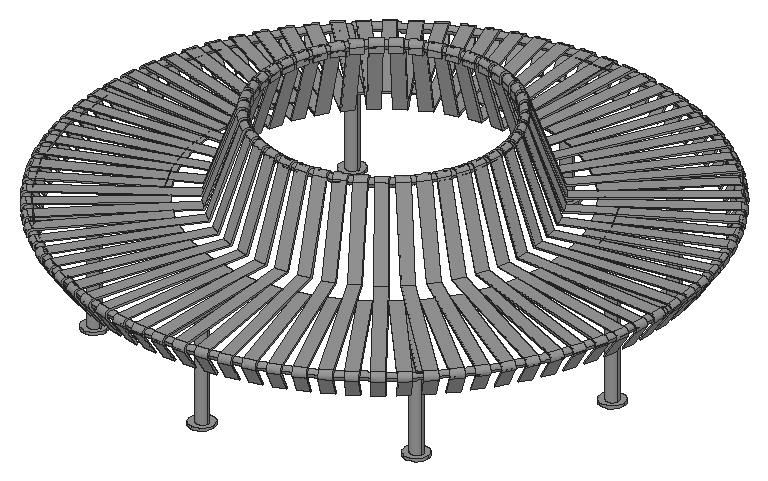
Revit family "Скамейка стальная круглая «Вертикаль» Арт 14179", category Антураж, Revit 2018 (continued)
Forms (mm)
  Extrusion 89, solid, material "Сталь" <- "Цвет лавки"
    sketch origin (95.795, -88.881, 0) x (-0.074768, 0.997201, 0) y (0, 0, 1)
      loop
        line (2463.042, 422.59) -> (2401.426, 335.925) -> (2405.011, 332.34) -> (2467.254, 419.885)
        arc (2467.254, 419.885) -> (2467.354, 439.942) -> (2450, 450) r 20
        line (2450, 450) -> (1958.773, 450) -> (1958.773, 445) -> (2450, 445)
    from 1210 to 1260
  Extrusion 90, solid, material "Сталь" <- "Цвет опор"
    sketch origin (0, 0, 0) x (1, 0, 0) y (0, 1, 0)
      loop
        line (1210, 2450) -> (1210, 2001.351) -> (1260, 2001.351) -> (1260, 2450) -> (1210, 2450)
      loop
        line (2450, 1260) -> (2001.351, 1260) -> (2001.351, 1210) -> (2450, 1210) -> (2450, 1260)
      loop
        line (20, 1260) -> (20, 1210) -> (468.649, 1210) -> (468.649, 1260) -> (20, 1260)
      loop
        line (1210, 20) -> (1260, 20) -> (1260, 468.649) -> (1210, 468.649) -> (1210, 20)
      loop
        line (2076.457, 2111.812) -> (1759.214, 1794.57) -> (1794.57, 1759.214) -> (2111.812, 2076.457) -> (2076.457, 2111.812)
      loop
        line (2111.812, 393.543) -> (1794.57, 710.786) -> (1759.214, 675.43) -> (2076.457, 358.188) -> (2111.812, 393.543)
      loop
        line (393.543, 2111.812) -> (358.188, 2076.457) -> (675.43, 1759.214) -> (710.786, 1794.57) -> (393.543, 2111.812)
      loop
        line (358.188, 393.543) -> (393.543, 358.188) -> (710.786, 675.43) -> (675.43, 710.786) -> (358.188, 393.543)
    from 435 to 445
  Extrusion 91, solid, material "Сталь" <- "Цвет опор"
    sketch origin (0, 0, 0) x (1, 0, 0) y (0, 1, 0)
      loop
        circle (1235, 2225.676) r 25
      loop
        circle (2225.676, 1235) r 25
      loop
        circle (244.324, 1235) r 25
      loop
        circle (1235, 244.324) r 25
      loop
        circle (1935.513, 1935.513) r 25
      loop
        circle (1935.513, 534.487) r 25
      loop
        circle (534.487, 1935.513) r 25
      loop
        circle (534.487, 534.487) r 25
    from 0 to 435
  Extrusion 92, solid, material "Сталь" <- "Цвет опор"
    sketch origin (0, 0, 0) x (1, 0, 0) y (0, 1, 0)
      loop
        circle (1235, 2225.676) r 25
      loop
        circle (2225.676, 1235) r 25
      loop
        circle (244.324, 1235) r 25
      loop
        circle (1235, 244.324) r 25
      loop
        circle (1935.513, 1935.513) r 25
      loop
        circle (1935.513, 534.487) r 25
      loop
        circle (534.487, 1935.513) r 25
      loop
        circle (534.487, 534.487) r 25
      loop
        circle (1235, 2225.676) r 50
      loop
        circle (1935.513, 1935.513) r 50
      loop
        circle (534.487, 1935.513) r 50
      loop
        circle (2225.676, 1235) r 50
      loop
        circle (1935.513, 534.487) r 50
      loop
        circle (1235, 244.324) r 50
      loop
        circle (534.487, 534.487) r 50
      loop
        circle (244.324, 1235) r 50
    from 0 to 10
Lines and regions (mm)
  reference lines
    curve 1: circle (1235, 1235, 0) r 1235 normal (0, 0, 1)
Dimensions and locks
  "Длина": plane 3 "По центру (Влево/Вправо)" to plane 4
  "Ширина": plane 5 to plane 1 "По центру (Вперед/Назад)"
  "Высота": plane 6 to plane 2
  "Диаметр": diameter of curve 1
  aligned and locked: level to plane 2
Automatic sketch dimensions
  plane 3 "По центру (Влево/Вправо)" to curve 1 = 1235 mm
  curve 1 to plane 1 "По центру (Вперед/Назад)" = 1235 mm
  plane 3 "По центру (Влево/Вправо)" to Sweep 1 sketch curve = 1235 mm
  Sweep 1 sketch curve to plane 1 "По центру (Вперед/Назад)" = 1235 mm
  Sweep 1 sketch curve to profile plane = 20 mm
  level to Sweep 1 sketch curve = 430 mm
  plane 3 "По центру (Влево/Вправо)" to Sweep 2 sketch curve = 1235 mm
  Sweep 2 sketch curve to plane 1 "По центру (Вперед/Назад)" = 1235 mm
  Sweep 2 sketch curve to profile plane = 20 mm
  level to Sweep 2 sketch curve = 775 mm
  Extrusion 3 sketch curve to Extrusion 3 sketch curve = 0 mm  (x4)
  Extrusion 3 sketch curve to plane 6 = 45 mm
  Extrusion 3 sketch curve to plane 5 = 775.044 mm
  Extrusion 3 sketch curve to Extrusion 3 sketch curve = 5 mm  (x2)
  Extrusion 3 sketch curve to Extrusion 3 sketch curve = 15 mm  (x2)
  Extrusion 3 sketch curve to plane 6 = 14.906 mm
  Extrusion 3 sketch curve to Extrusion 3 sketch curve = 14.108 mm
  Extrusion 3 sketch curve to plane 6 = 13.207 mm
  Extrusion 3 sketch curve to Extrusion 3 sketch curve = 150.11 mm
  Extrusion 3 sketch curve to Extrusion 3 sketch curve = 3.511 mm
  Extrusion 3 sketch curve to plane 5 = 68.574 mm
  Extrusion 3 sketch curve to Extrusion 3 sketch curve = 3.586 mm  (x2)
  Extrusion 3 sketch curve to plane 5 = 20 mm
  Extrusion 3 sketch curve to plane 5 = 6.958 mm
  Extrusion 3 sketch curve to plane 5 = 2.746 mm
  Extrusion 3 sketch curve to plane 6 = 345 mm
  Extrusion 3 sketch curve to Extrusion 3 sketch curve = 94.075 mm
  Extrusion 4 sketch curve to Extrusion 4 sketch curve = 0 mm  (x2)
  Extrusion 4 sketch curve to plane 6 = 350 mm
  level to Extrusion 4 sketch curve = 335.925 mm
  Extrusion 4 sketch curve to Extrusion 4 sketch curve = 442.653 mm
  level to Extrusion 4 sketch curve = 332.34 mm
  Extrusion 4 sketch curve to Extrusion 4 sketch curve = 3.586 mm
  Extrusion 4 sketch curve to Extrusion 4 sketch curve = 48.574 mm
  Extrusion 4 sketch curve to plane 6 = 372.41 mm
  Extrusion 4 sketch curve to Extrusion 4 sketch curve = 13.042 mm
  Extrusion 4 sketch curve to plane 6 = 375.115 mm
  Extrusion 4 sketch curve to Extrusion 4 sketch curve = 4.211 mm
  Extrusion 5 sketch curve to Extrusion 5 sketch curve = 0 mm  (x2)
  plane 3 "По центру (Влево/Вправо)" to Extrusion 5 sketch curve = 1235 mm
  Extrusion 5 sketch curve to plane 1 "По центру (Вперед/Назад)" = 1235 mm
  Extrusion 6 sketch curve to Extrusion 6 sketch curve = 0 mm  (x4)
  Extrusion 6 sketch curve to plane 6 = 45 mm
  Extrusion 6 sketch curve to Extrusion 6 sketch curve = 5 mm
  Extrusion 6 sketch curve to Extrusion 6 sketch curve = 15 mm
  Extrusion 6 sketch curve to plane 6 = 14.906 mm
  Extrusion 6 sketch curve to Extrusion 6 sketch curve = 14.108 mm
  Extrusion 6 sketch curve to plane 6 = 13.207 mm
  Extrusion 6 sketch curve to plane 6 = 350 mm
  Extrusion 6 sketch curve to Extrusion 6 sketch curve = 150.11 mm
  Extrusion 6 sketch curve to Extrusion 6 sketch curve = 3.511 mm
  level to Extrusion 6 sketch curve = 335.925 mm
  Extrusion 6 sketch curve to Extrusion 6 sketch curve = 547.849 mm
  level to Extrusion 6 sketch curve = 332.34 mm
  Extrusion 6 sketch curve to Extrusion 6 sketch curve = 3.586 mm
  Extrusion 6 sketch curve to Extrusion 6 sketch curve = 48.574 mm
  Extrusion 6 sketch curve to plane 6 = 372.41 mm
  Extrusion 6 sketch curve to Extrusion 6 sketch curve = 13.042 mm
  Extrusion 6 sketch curve to plane 6 = 375.115 mm
  Extrusion 6 sketch curve to Extrusion 6 sketch curve = 4.211 mm
  Extrusion 7 sketch curve to Extrusion 7 sketch curve = 0 mm  (x2)
  Extrusion 7 sketch curve to plane 6 = 350 mm
  level to Extrusion 7 sketch curve = 335.925 mm
  Extrusion 7 sketch curve to Extrusion 7 sketch curve = 442.653 mm
  level to Extrusion 7 sketch curve = 332.34 mm
  Extrusion 7 sketch curve to Extrusion 7 sketch curve = 3.586 mm
  Extrusion 7 sketch curve to Extrusion 7 sketch curve = 48.574 mm
  Extrusion 7 sketch curve to plane 6 = 372.41 mm
  Extrusion 7 sketch curve to Extrusion 7 sketch curve = 13.042 mm
  Extrusion 7 sketch curve to plane 6 = 375.115 mm
  Extrusion 7 sketch curve to Extrusion 7 sketch curve = 4.211 mm
  Extrusion 8 sketch curve to Extrusion 8 sketch curve = 0 mm  (x4)
  Extrusion 8 sketch curve to plane 6 = 45 mm
  Extrusion 8 sketch curve to Extrusion 8 sketch curve = 5 mm
  Extrusion 8 sketch curve to Extrusion 8 sketch curve = 15 mm
  Extrusion 8 sketch curve to plane 6 = 14.906 mm
  Extrusion 8 sketch curve to Extrusion 8 sketch curve = 14.108 mm
  Extrusion 8 sketch curve to plane 6 = 13.207 mm
  Extrusion 8 sketch curve to plane 6 = 350 mm
  Extrusion 8 sketch curve to Extrusion 8 sketch curve = 150.11 mm
  Extrusion 8 sketch curve to Extrusion 8 sketch curve = 3.511 mm
  level to Extrusion 8 sketch curve = 335.925 mm
  Extrusion 8 sketch curve to Extrusion 8 sketch curve = 547.849 mm
  level to Extrusion 8 sketch curve = 332.34 mm
  Extrusion 8 sketch curve to Extrusion 8 sketch curve = 3.586 mm
  Extrusion 8 sketch curve to Extrusion 8 sketch curve = 48.574 mm
  Extrusion 8 sketch curve to plane 6 = 372.41 mm
  Extrusion 8 sketch curve to Extrusion 8 sketch curve = 13.042 mm
  Extrusion 8 sketch curve to plane 6 = 375.115 mm
  Extrusion 8 sketch curve to Extrusion 8 sketch curve = 4.211 mm
  Extrusion 9 sketch curve to Extrusion 9 sketch curve = 0 mm  (x2)
  Extrusion 9 sketch curve to plane 6 = 350 mm
  level to Extrusion 9 sketch curve = 335.925 mm
  Extrusion 9 sketch curve to Extrusion 9 sketch curve = 442.653 mm
  level to Extrusion 9 sketch curve = 332.34 mm
  Extrusion 9 sketch curve to Extrusion 9 sketch curve = 3.586 mm
  Extrusion 9 sketch curve to Extrusion 9 sketch curve = 48.574 mm
  Extrusion 9 sketch curve to plane 6 = 372.41 mm
  Extrusion 9 sketch curve to Extrusion 9 sketch curve = 13.042 mm
  Extrusion 9 sketch curve to plane 6 = 375.115 mm
  Extrusion 9 sketch curve to Extrusion 9 sketch curve = 4.211 mm
  Extrusion 10 sketch curve to Extrusion 10 sketch curve = 0 mm  (x4)
  Extrusion 10 sketch curve to plane 6 = 45 mm
  Extrusion 10 sketch curve to Extrusion 10 sketch curve = 5 mm
  Extrusion 10 sketch curve to Extrusion 10 sketch curve = 15 mm
  Extrusion 10 sketch curve to plane 6 = 14.906 mm
  Extrusion 10 sketch curve to Extrusion 10 sketch curve = 14.108 mm
  Extrusion 10 sketch curve to plane 6 = 13.207 mm
  Extrusion 10 sketch curve to plane 6 = 350 mm
  Extrusion 10 sketch curve to Extrusion 10 sketch curve = 150.11 mm
  Extrusion 10 sketch curve to Extrusion 10 sketch curve = 3.511 mm
  level to Extrusion 10 sketch curve = 335.925 mm
  Extrusion 10 sketch curve to Extrusion 10 sketch curve = 547.849 mm
  level to Extrusion 10 sketch curve = 332.34 mm
  Extrusion 10 sketch curve to Extrusion 10 sketch curve = 3.586 mm
  Extrusion 10 sketch curve to Extrusion 10 sketch curve = 48.574 mm
  Extrusion 10 sketch curve to plane 6 = 372.41 mm
  Extrusion 10 sketch curve to Extrusion 10 sketch curve = 13.042 mm
  Extrusion 10 sketch curve to plane 6 = 375.115 mm
  Extrusion 10 sketch curve to Extrusion 10 sketch curve = 4.211 mm
  Extrusion 11 sketch curve to Extrusion 11 sketch curve = 0 mm  (x2)
  Extrusion 11 sketch curve to plane 6 = 350 mm
  level to Extrusion 11 sketch curve = 335.925 mm
  Extrusion 11 sketch curve to Extrusion 11 sketch curve = 442.653 mm
  level to Extrusion 11 sketch curve = 332.34 mm
  Extrusion 11 sketch curve to Extrusion 11 sketch curve = 3.586 mm
  Extrusion 11 sketch curve to Extrusion 11 sketch curve = 48.574 mm
  Extrusion 11 sketch curve to plane 6 = 372.41 mm
  Extrusion 11 sketch curve to Extrusion 11 sketch curve = 13.042 mm
  Extrusion 11 sketch curve to plane 6 = 375.115 mm
  Extrusion 11 sketch curve to Extrusion 11 sketch curve = 4.211 mm
  Extrusion 12 sketch curve to Extrusion 12 sketch curve = 0 mm  (x4)
  Extrusion 12 sketch curve to plane 6 = 45 mm
  Extrusion 12 sketch curve to Extrusion 12 sketch curve = 5 mm
  Extrusion 12 sketch curve to Extrusion 12 sketch curve = 15 mm
  Extrusion 12 sketch curve to plane 6 = 14.906 mm
  Extrusion 12 sketch curve to Extrusion 12 sketch curve = 14.108 mm
  Extrusion 12 sketch curve to plane 6 = 13.207 mm
  Extrusion 12 sketch curve to plane 6 = 350 mm
  Extrusion 12 sketch curve to Extrusion 12 sketch curve = 150.11 mm
  Extrusion 12 sketch curve to Extrusion 12 sketch curve = 3.511 mm
  level to Extrusion 12 sketch curve = 335.925 mm
  Extrusion 12 sketch curve to Extrusion 12 sketch curve = 547.849 mm
  level to Extrusion 12 sketch curve = 332.34 mm
  Extrusion 12 sketch curve to Extrusion 12 sketch curve = 3.586 mm
  Extrusion 12 sketch curve to Extrusion 12 sketch curve = 48.574 mm
  Extrusion 12 sketch curve to plane 6 = 372.41 mm
  Extrusion 12 sketch curve to Extrusion 12 sketch curve = 13.042 mm
  Extrusion 12 sketch curve to plane 6 = 375.115 mm
  Extrusion 12 sketch curve to Extrusion 12 sketch curve = 4.211 mm
  Extrusion 13 sketch curve to Extrusion 13 sketch curve = 0 mm  (x2)
  Extrusion 13 sketch curve to plane 6 = 350 mm
  level to Extrusion 13 sketch curve = 335.925 mm
  Extrusion 13 sketch curve to Extrusion 13 sketch curve = 442.653 mm
  level to Extrusion 13 sketch curve = 332.34 mm
  Extrusion 13 sketch curve to Extrusion 13 sketch curve = 3.586 mm
  Extrusion 13 sketch curve to Extrusion 13 sketch curve = 48.574 mm
  Extrusion 13 sketch curve to plane 6 = 372.41 mm
  Extrusion 13 sketch curve to Extrusion 13 sketch curve = 13.042 mm
  Extrusion 13 sketch curve to plane 6 = 375.115 mm
  Extrusion 13 sketch curve to Extrusion 13 sketch curve = 4.211 mm
  Extrusion 14 sketch curve to Extrusion 14 sketch curve = 0 mm  (x4)
  Extrusion 14 sketch curve to plane 6 = 45 mm
  Extrusion 14 sketch curve to Extrusion 14 sketch curve = 5 mm
  Extrusion 14 sketch curve to Extrusion 14 sketch curve = 15 mm
  Extrusion 14 sketch curve to plane 6 = 14.906 mm
  Extrusion 14 sketch curve to Extrusion 14 sketch curve = 14.108 mm
  Extrusion 14 sketch curve to plane 6 = 13.207 mm
  Extrusion 14 sketch curve to plane 6 = 350 mm
  Extrusion 14 sketch curve to Extrusion 14 sketch curve = 150.11 mm
  Extrusion 14 sketch curve to Extrusion 14 sketch curve = 3.511 mm
  level to Extrusion 14 sketch curve = 335.925 mm
  Extrusion 14 sketch curve to Extrusion 14 sketch curve = 547.849 mm
  level to Extrusion 14 sketch curve = 332.34 mm
  Extrusion 14 sketch curve to Extrusion 14 sketch curve = 3.586 mm
  Extrusion 14 sketch curve to Extrusion 14 sketch curve = 48.574 mm
  Extrusion 14 sketch curve to plane 6 = 372.41 mm
  Extrusion 14 sketch curve to Extrusion 14 sketch curve = 13.042 mm
  Extrusion 14 sketch curve to plane 6 = 375.115 mm
  Extrusion 14 sketch curve to Extrusion 14 sketch curve = 4.211 mm
  Extrusion 15 sketch curve to Extrusion 15 sketch curve = 0 mm  (x2)
  Extrusion 15 sketch curve to plane 6 = 350 mm
  level to Extrusion 15 sketch curve = 335.925 mm
  Extrusion 15 sketch curve to Extrusion 15 sketch curve = 442.653 mm
  level to Extrusion 15 sketch curve = 332.34 mm
  Extrusion 15 sketch curve to Extrusion 15 sketch curve = 3.586 mm
  Extrusion 15 sketch curve to Extrusion 15 sketch curve = 48.574 mm
  Extrusion 15 sketch curve to plane 6 = 372.41 mm
  Extrusion 15 sketch curve to Extrusion 15 sketch curve = 13.042 mm
  Extrusion 15 sketch curve to plane 6 = 375.115 mm
  Extrusion 15 sketch curve to Extrusion 15 sketch curve = 4.211 mm
  Extrusion 16 sketch curve to Extrusion 16 sketch curve = 0 mm  (x4)
  Extrusion 16 sketch curve to plane 6 = 45 mm
  Extrusion 16 sketch curve to Extrusion 16 sketch curve = 5 mm
  Extrusion 16 sketch curve to Extrusion 16 sketch curve = 15 mm
  Extrusion 16 sketch curve to plane 6 = 14.906 mm
  Extrusion 16 sketch curve to Extrusion 16 sketch curve = 14.108 mm
  Extrusion 16 sketch curve to plane 6 = 13.207 mm
  Extrusion 16 sketch curve to plane 6 = 350 mm
  Extrusion 16 sketch curve to Extrusion 16 sketch curve = 150.11 mm
  Extrusion 16 sketch curve to Extrusion 16 sketch curve = 3.511 mm
  level to Extrusion 16 sketch curve = 335.925 mm
  Extrusion 16 sketch curve to Extrusion 16 sketch curve = 547.849 mm
  level to Extrusion 16 sketch curve = 332.34 mm
  Extrusion 16 sketch curve to Extrusion 16 sketch curve = 3.586 mm
  Extrusion 16 sketch curve to Extrusion 16 sketch curve = 48.574 mm
  Extrusion 16 sketch curve to plane 6 = 372.41 mm
  Extrusion 16 sketch curve to Extrusion 16 sketch curve = 13.042 mm
  Extrusion 16 sketch curve to plane 6 = 375.115 mm
  Extrusion 16 sketch curve to Extrusion 16 sketch curve = 4.211 mm
  Extrusion 17 sketch curve to Extrusion 17 sketch curve = 0 mm  (x2)
  Extrusion 17 sketch curve to plane 6 = 350 mm
  level to Extrusion 17 sketch curve = 335.925 mm
  Extrusion 17 sketch curve to Extrusion 17 sketch curve = 442.653 mm
  level to Extrusion 17 sketch curve = 332.34 mm
  Extrusion 17 sketch curve to Extrusion 17 sketch curve = 3.586 mm
  Extrusion 17 sketch curve to Extrusion 17 sketch curve = 48.574 mm
  Extrusion 17 sketch curve to plane 6 = 372.41 mm
  Extrusion 17 sketch curve to Extrusion 17 sketch curve = 13.042 mm
  Extrusion 17 sketch curve to plane 6 = 375.115 mm
  Extrusion 17 sketch curve to Extrusion 17 sketch curve = 4.211 mm
  Extrusion 18 sketch curve to Extrusion 18 sketch curve = 0 mm  (x4)
  Extrusion 18 sketch curve to plane 6 = 45 mm
  Extrusion 18 sketch curve to Extrusion 18 sketch curve = 5 mm
  Extrusion 18 sketch curve to Extrusion 18 sketch curve = 15 mm
  Extrusion 18 sketch curve to plane 6 = 14.906 mm
  Extrusion 18 sketch curve to Extrusion 18 sketch curve = 14.108 mm
  Extrusion 18 sketch curve to plane 6 = 13.207 mm
  Extrusion 18 sketch curve to plane 6 = 350 mm
  Extrusion 18 sketch curve to Extrusion 18 sketch curve = 150.11 mm
  Extrusion 18 sketch curve to Extrusion 18 sketch curve = 3.511 mm
  level to Extrusion 18 sketch curve = 335.925 mm
  Extrusion 18 sketch curve to Extrusion 18 sketch curve = 547.849 mm
  level to Extrusion 18 sketch curve = 332.34 mm
  Extrusion 18 sketch curve to Extrusion 18 sketch curve = 3.586 mm
  Extrusion 18 sketch curve to Extrusion 18 sketch curve = 48.574 mm
  Extrusion 18 sketch curve to plane 6 = 372.41 mm
  Extrusion 18 sketch curve to Extrusion 18 sketch curve = 13.042 mm
  Extrusion 18 sketch curve to plane 6 = 375.115 mm
  Extrusion 18 sketch curve to Extrusion 18 sketch curve = 4.211 mm
  Extrusion 19 sketch curve to Extrusion 19 sketch curve = 0 mm  (x2)
  Extrusion 19 sketch curve to plane 6 = 350 mm
  level to Extrusion 19 sketch curve = 335.925 mm
  Extrusion 19 sketch curve to Extrusion 19 sketch curve = 442.653 mm
  level to Extrusion 19 sketch curve = 332.34 mm
  Extrusion 19 sketch curve to Extrusion 19 sketch curve = 3.586 mm
  Extrusion 19 sketch curve to Extrusion 19 sketch curve = 48.574 mm
  Extrusion 19 sketch curve to plane 6 = 372.41 mm
  Extrusion 19 sketch curve to Extrusion 19 sketch curve = 13.042 mm
  Extrusion 19 sketch curve to plane 6 = 375.115 mm
  Extrusion 19 sketch curve to Extrusion 19 sketch curve = 4.211 mm
  Extrusion 20 sketch curve to Extrusion 20 sketch curve = 0 mm  (x4)
  Extrusion 20 sketch curve to plane 6 = 45 mm
  Extrusion 20 sketch curve to Extrusion 20 sketch curve = 5 mm
  Extrusion 20 sketch curve to Extrusion 20 sketch curve = 15 mm
  Extrusion 20 sketch curve to plane 6 = 14.906 mm
  Extrusion 20 sketch curve to Extrusion 20 sketch curve = 14.108 mm
  Extrusion 20 sketch curve to plane 6 = 13.207 mm
  Extrusion 20 sketch curve to plane 6 = 350 mm
  Extrusion 20 sketch curve to Extrusion 20 sketch curve = 150.11 mm
  Extrusion 20 sketch curve to Extrusion 20 sketch curve = 3.511 mm
  level to Extrusion 20 sketch curve = 335.925 mm
  Extrusion 20 sketch curve to Extrusion 20 sketch curve = 547.849 mm
  level to Extrusion 20 sketch curve = 332.34 mm
  Extrusion 20 sketch curve to Extrusion 20 sketch curve = 3.586 mm
  Extrusion 20 sketch curve to Extrusion 20 sketch curve = 48.574 mm
  Extrusion 20 sketch curve to plane 6 = 372.41 mm
  Extrusion 20 sketch curve to Extrusion 20 sketch curve = 13.042 mm
  Extrusion 20 sketch curve to plane 6 = 375.115 mm
  Extrusion 20 sketch curve to Extrusion 20 sketch curve = 4.211 mm
  Extrusion 21 sketch curve to Extrusion 21 sketch curve = 0 mm  (x2)
  Extrusion 21 sketch curve to plane 6 = 350 mm
  level to Extrusion 21 sketch curve = 335.925 mm
  Extrusion 21 sketch curve to Extrusion 21 sketch curve = 442.653 mm
  level to Extrusion 21 sketch curve = 332.34 mm
  Extrusion 21 sketch curve to Extrusion 21 sketch curve = 3.586 mm
  Extrusion 21 sketch curve to Extrusion 21 sketch curve = 48.574 mm
  Extrusion 21 sketch curve to plane 6 = 372.41 mm
  Extrusion 21 sketch curve to Extrusion 21 sketch curve = 13.042 mm
  Extrusion 21 sketch curve to plane 6 = 375.115 mm
  Extrusion 21 sketch curve to Extrusion 21 sketch curve = 4.211 mm
  Extrusion 22 sketch curve to Extrusion 22 sketch curve = 0 mm  (x4)
  Extrusion 22 sketch curve to plane 6 = 45 mm
  Extrusion 22 sketch curve to Extrusion 22 sketch curve = 5 mm
  Extrusion 22 sketch curve to Extrusion 22 sketch curve = 15 mm
  Extrusion 22 sketch curve to plane 6 = 14.906 mm
  Extrusion 22 sketch curve to Extrusion 22 sketch curve = 14.108 mm
  Extrusion 22 sketch curve to plane 6 = 13.207 mm
  Extrusion 22 sketch curve to plane 6 = 350 mm
  Extrusion 22 sketch curve to Extrusion 22 sketch curve = 150.11 mm
  Extrusion 22 sketch curve to Extrusion 22 sketch curve = 3.511 mm
  level to Extrusion 22 sketch curve = 335.925 mm
  Extrusion 22 sketch curve to Extrusion 22 sketch curve = 547.849 mm
  level to Extrusion 22 sketch curve = 332.34 mm
  Extrusion 22 sketch curve to Extrusion 22 sketch curve = 3.586 mm
  Extrusion 22 sketch curve to Extrusion 22 sketch curve = 48.574 mm
  Extrusion 22 sketch curve to plane 6 = 372.41 mm
  Extrusion 22 sketch curve to Extrusion 22 sketch curve = 13.042 mm
  Extrusion 22 sketch curve to plane 6 = 375.115 mm
  Extrusion 22 sketch curve to Extrusion 22 sketch curve = 4.211 mm
  Extrusion 23 sketch curve to Extrusion 23 sketch curve = 0 mm  (x2)
  Extrusion 23 sketch curve to plane 6 = 350 mm
  level to Extrusion 23 sketch curve = 335.925 mm
  Extrusion 23 sketch curve to Extrusion 23 sketch curve = 442.653 mm
  level to Extrusion 23 sketch curve = 332.34 mm
  Extrusion 23 sketch curve to Extrusion 23 sketch curve = 3.586 mm
  Extrusion 23 sketch curve to Extrusion 23 sketch curve = 48.574 mm
  Extrusion 23 sketch curve to plane 6 = 372.41 mm
  Extrusion 23 sketch curve to Extrusion 23 sketch curve = 13.042 mm
  Extrusion 23 sketch curve to plane 6 = 375.115 mm
  Extrusion 23 sketch curve to Extrusion 23 sketch curve = 4.211 mm
  Extrusion 24 sketch curve to Extrusion 24 sketch curve = 0 mm  (x4)
  Extrusion 24 sketch curve to plane 6 = 45 mm
  Extrusion 24 sketch curve to Extrusion 24 sketch curve = 5 mm
  Extrusion 24 sketch curve to Extrusion 24 sketch curve = 15 mm
  Extrusion 24 sketch curve to plane 6 = 14.906 mm
  Extrusion 24 sketch curve to Extrusion 24 sketch curve = 14.108 mm
  Extrusion 24 sketch curve to plane 6 = 13.207 mm
  Extrusion 24 sketch curve to plane 6 = 350 mm
  Extrusion 24 sketch curve to Extrusion 24 sketch curve = 150.11 mm
  Extrusion 24 sketch curve to Extrusion 24 sketch curve = 3.511 mm
  level to Extrusion 24 sketch curve = 335.925 mm
  Extrusion 24 sketch curve to Extrusion 24 sketch curve = 547.849 mm
  level to Extrusion 24 sketch curve = 332.34 mm
  Extrusion 24 sketch curve to Extrusion 24 sketch curve = 3.586 mm
  Extrusion 24 sketch curve to Extrusion 24 sketch curve = 48.574 mm
  Extrusion 24 sketch curve to plane 6 = 372.41 mm
  Extrusion 24 sketch curve to Extrusion 24 sketch curve = 13.042 mm
  Extrusion 24 sketch curve to plane 6 = 375.115 mm
  Extrusion 24 sketch curve to Extrusion 24 sketch curve = 4.211 mm
  Extrusion 25 sketch curve to Extrusion 25 sketch curve = 0 mm  (x2)
  Extrusion 25 sketch curve to plane 6 = 350 mm
  level to Extrusion 25 sketch curve = 335.925 mm
  Extrusion 25 sketch curve to Extrusion 25 sketch curve = 442.653 mm
  level to Extrusion 25 sketch curve = 332.34 mm
  Extrusion 25 sketch curve to Extrusion 25 sketch curve = 3.586 mm
  Extrusion 25 sketch curve to Extrusion 25 sketch curve = 48.574 mm
  Extrusion 25 sketch curve to plane 6 = 372.41 mm
  Extrusion 25 sketch curve to Extrusion 25 sketch curve = 13.042 mm
  Extrusion 25 sketch curve to plane 6 = 375.115 mm
  Extrusion 25 sketch curve to Extrusion 25 sketch curve = 4.211 mm
  Extrusion 26 sketch curve to Extrusion 26 sketch curve = 0 mm  (x4)
  Extrusion 26 sketch curve to plane 6 = 45 mm
  Extrusion 26 sketch curve to Extrusion 26 sketch curve = 5 mm
  Extrusion 26 sketch curve to Extrusion 26 sketch curve = 15 mm
  Extrusion 26 sketch curve to plane 6 = 14.906 mm
  Extrusion 26 sketch curve to Extrusion 26 sketch curve = 14.108 mm
  Extrusion 26 sketch curve to plane 6 = 13.207 mm
  Extrusion 26 sketch curve to plane 6 = 350 mm
  Extrusion 26 sketch curve to Extrusion 26 sketch curve = 150.11 mm
  Extrusion 26 sketch curve to Extrusion 26 sketch curve = 3.511 mm
  level to Extrusion 26 sketch curve = 335.925 mm
  Extrusion 26 sketch curve to Extrusion 26 sketch curve = 547.849 mm
  level to Extrusion 26 sketch curve = 332.34 mm
  Extrusion 26 sketch curve to Extrusion 26 sketch curve = 3.586 mm
  Extrusion 26 sketch curve to Extrusion 26 sketch curve = 48.574 mm
  Extrusion 26 sketch curve to plane 6 = 372.41 mm
  Extrusion 26 sketch curve to Extrusion 26 sketch curve = 13.042 mm
  Extrusion 26 sketch curve to plane 6 = 375.115 mm
  Extrusion 26 sketch curve to Extrusion 26 sketch curve = 4.211 mm
  Extrusion 27 sketch curve to Extrusion 27 sketch curve = 0 mm  (x2)
  Extrusion 27 sketch curve to plane 6 = 350 mm
  level to Extrusion 27 sketch curve = 335.925 mm
  Extrusion 27 sketch curve to Extrusion 27 sketch curve = 442.653 mm
  level to Extrusion 27 sketch curve = 332.34 mm
  Extrusion 27 sketch curve to Extrusion 27 sketch curve = 3.586 mm
  Extrusion 27 sketch curve to Extrusion 27 sketch curve = 48.574 mm
  Extrusion 27 sketch curve to plane 6 = 372.41 mm
  Extrusion 27 sketch curve to Extrusion 27 sketch curve = 13.042 mm
  Extrusion 27 sketch curve to plane 6 = 375.115 mm
  Extrusion 27 sketch curve to Extrusion 27 sketch curve = 4.211 mm
  Extrusion 28 sketch curve to Extrusion 28 sketch curve = 0 mm  (x4)
  Extrusion 28 sketch curve to plane 6 = 45 mm
  Extrusion 28 sketch curve to Extrusion 28 sketch curve = 5 mm
  Extrusion 28 sketch curve to Extrusion 28 sketch curve = 15 mm
  Extrusion 28 sketch curve to plane 6 = 14.906 mm
  Extrusion 28 sketch curve to Extrusion 28 sketch curve = 14.108 mm
  Extrusion 28 sketch curve to plane 6 = 13.207 mm
  Extrusion 28 sketch curve to plane 6 = 350 mm
  Extrusion 28 sketch curve to Extrusion 28 sketch curve = 150.11 mm
  Extrusion 28 sketch curve to Extrusion 28 sketch curve = 3.511 mm
  level to Extrusion 28 sketch curve = 335.925 mm
  Extrusion 28 sketch curve to Extrusion 28 sketch curve = 547.849 mm
  level to Extrusion 28 sketch curve = 332.34 mm
  Extrusion 28 sketch curve to Extrusion 28 sketch curve = 3.586 mm
  Extrusion 28 sketch curve to Extrusion 28 sketch curve = 48.574 mm
  Extrusion 28 sketch curve to plane 6 = 372.41 mm
  Extrusion 28 sketch curve to Extrusion 28 sketch curve = 13.042 mm
  Extrusion 28 sketch curve to plane 6 = 375.115 mm
  Extrusion 28 sketch curve to Extrusion 28 sketch curve = 4.211 mm
  Extrusion 29 sketch curve to Extrusion 29 sketch curve = 0 mm  (x2)
  Extrusion 29 sketch curve to plane 6 = 350 mm
  level to Extrusion 29 sketch curve = 335.925 mm
  Extrusion 29 sketch curve to Extrusion 29 sketch curve = 442.653 mm
  level to Extrusion 29 sketch curve = 332.34 mm
  Extrusion 29 sketch curve to Extrusion 29 sketch curve = 3.586 mm
  Extrusion 29 sketch curve to Extrusion 29 sketch curve = 48.574 mm
  Extrusion 29 sketch curve to plane 6 = 372.41 mm
  Extrusion 29 sketch curve to Extrusion 29 sketch curve = 13.042 mm
  Extrusion 29 sketch curve to plane 6 = 375.115 mm
  Extrusion 29 sketch curve to Extrusion 29 sketch curve = 4.211 mm
  Extrusion 30 sketch curve to Extrusion 30 sketch curve = 0 mm  (x4)
  Extrusion 30 sketch curve to plane 6 = 45 mm
  Extrusion 30 sketch curve to Extrusion 30 sketch curve = 5 mm
  Extrusion 30 sketch curve to Extrusion 30 sketch curve = 15 mm
  Extrusion 30 sketch curve to plane 6 = 14.906 mm
  Extrusion 30 sketch curve to Extrusion 30 sketch curve = 14.108 mm
  Extrusion 30 sketch curve to plane 6 = 13.207 mm
  Extrusion 30 sketch curve to plane 6 = 350 mm
  Extrusion 30 sketch curve to Extrusion 30 sketch curve = 150.11 mm
  Extrusion 30 sketch curve to Extrusion 30 sketch curve = 3.511 mm
  level to Extrusion 30 sketch curve = 335.925 mm
  Extrusion 30 sketch curve to Extrusion 30 sketch curve = 547.849 mm
  level to Extrusion 30 sketch curve = 332.34 mm
  Extrusion 30 sketch curve to Extrusion 30 sketch curve = 3.586 mm
  Extrusion 30 sketch curve to Extrusion 30 sketch curve = 48.574 mm
  Extrusion 30 sketch curve to plane 6 = 372.41 mm
  Extrusion 30 sketch curve to Extrusion 30 sketch curve = 13.042 mm
  Extrusion 30 sketch curve to plane 6 = 375.115 mm
  Extrusion 30 sketch curve to Extrusion 30 sketch curve = 4.211 mm
  Extrusion 31 sketch curve to Extrusion 31 sketch curve = 0 mm  (x2)
  Extrusion 31 sketch curve to plane 6 = 350 mm
  level to Extrusion 31 sketch curve = 335.925 mm
  Extrusion 31 sketch curve to Extrusion 31 sketch curve = 442.653 mm
  level to Extrusion 31 sketch curve = 332.34 mm
  Extrusion 31 sketch curve to Extrusion 31 sketch curve = 3.586 mm
  Extrusion 31 sketch curve to Extrusion 31 sketch curve = 48.574 mm
  Extrusion 31 sketch curve to plane 6 = 372.41 mm
  Extrusion 31 sketch curve to Extrusion 31 sketch curve = 13.042 mm
  Extrusion 31 sketch curve to plane 6 = 375.115 mm
  Extrusion 31 sketch curve to Extrusion 31 sketch curve = 4.211 mm
  Extrusion 32 sketch curve to Extrusion 32 sketch curve = 0 mm  (x4)
  Extrusion 32 sketch curve to plane 6 = 45 mm
  Extrusion 32 sketch curve to Extrusion 32 sketch curve = 5 mm
  Extrusion 32 sketch curve to Extrusion 32 sketch curve = 15 mm
  Extrusion 32 sketch curve to plane 6 = 14.906 mm
  Extrusion 32 sketch curve to Extrusion 32 sketch curve = 14.108 mm
  Extrusion 32 sketch curve to plane 6 = 13.207 mm
  Extrusion 32 sketch curve to plane 6 = 350 mm
  Extrusion 32 sketch curve to Extrusion 32 sketch curve = 150.11 mm
  Extrusion 32 sketch curve to Extrusion 32 sketch curve = 3.511 mm
  level to Extrusion 32 sketch curve = 335.925 mm
  Extrusion 32 sketch curve to Extrusion 32 sketch curve = 547.849 mm
  level to Extrusion 32 sketch curve = 332.34 mm
  Extrusion 32 sketch curve to Extrusion 32 sketch curve = 3.586 mm
  Extrusion 32 sketch curve to Extrusion 32 sketch curve = 48.574 mm
  Extrusion 32 sketch curve to plane 6 = 372.41 mm
  Extrusion 32 sketch curve to Extrusion 32 sketch curve = 13.042 mm
  Extrusion 32 sketch curve to plane 6 = 375.115 mm
  Extrusion 32 sketch curve to Extrusion 32 sketch curve = 4.211 mm
  Extrusion 33 sketch curve to Extrusion 33 sketch curve = 0 mm  (x2)
  Extrusion 33 sketch curve to plane 6 = 350 mm
  level to Extrusion 33 sketch curve = 335.925 mm
  Extrusion 33 sketch curve to Extrusion 33 sketch curve = 442.653 mm
  level to Extrusion 33 sketch curve = 332.34 mm
  Extrusion 33 sketch curve to Extrusion 33 sketch curve = 3.586 mm
  Extrusion 33 sketch curve to Extrusion 33 sketch curve = 48.574 mm
  Extrusion 33 sketch curve to plane 6 = 372.41 mm
  Extrusion 33 sketch curve to Extrusion 33 sketch curve = 13.042 mm
  Extrusion 33 sketch curve to plane 6 = 375.115 mm
  Extrusion 33 sketch curve to Extrusion 33 sketch curve = 4.211 mm
  Extrusion 34 sketch curve to Extrusion 34 sketch curve = 0 mm  (x4)
  Extrusion 34 sketch curve to plane 6 = 45 mm
  Extrusion 34 sketch curve to Extrusion 34 sketch curve = 5 mm
  Extrusion 34 sketch curve to Extrusion 34 sketch curve = 15 mm
  Extrusion 34 sketch curve to plane 6 = 14.906 mm
  Extrusion 34 sketch curve to Extrusion 34 sketch curve = 14.108 mm
  Extrusion 34 sketch curve to plane 6 = 13.207 mm
  Extrusion 34 sketch curve to plane 6 = 350 mm
  Extrusion 34 sketch curve to Extrusion 34 sketch curve = 150.11 mm
  Extrusion 34 sketch curve to Extrusion 34 sketch curve = 3.511 mm
  level to Extrusion 34 sketch curve = 335.925 mm
  Extrusion 34 sketch curve to Extrusion 34 sketch curve = 547.849 mm
  level to Extrusion 34 sketch curve = 332.34 mm
  Extrusion 34 sketch curve to Extrusion 34 sketch curve = 3.586 mm
  Extrusion 34 sketch curve to Extrusion 34 sketch curve = 48.574 mm
  Extrusion 34 sketch curve to plane 6 = 372.41 mm
  Extrusion 34 sketch curve to Extrusion 34 sketch curve = 13.042 mm
  Extrusion 34 sketch curve to plane 6 = 375.115 mm
  Extrusion 34 sketch curve to Extrusion 34 sketch curve = 4.211 mm
  Extrusion 35 sketch curve to Extrusion 35 sketch curve = 0 mm  (x2)
  Extrusion 35 sketch curve to plane 6 = 350 mm
  level to Extrusion 35 sketch curve = 335.925 mm
  Extrusion 35 sketch curve to Extrusion 35 sketch curve = 442.653 mm
  level to Extrusion 35 sketch curve = 332.34 mm
  Extrusion 35 sketch curve to Extrusion 35 sketch curve = 3.586 mm
  Extrusion 35 sketch curve to Extrusion 35 sketch curve = 48.574 mm
  Extrusion 35 sketch curve to plane 6 = 372.41 mm
  Extrusion 35 sketch curve to Extrusion 35 sketch curve = 13.042 mm
  Extrusion 35 sketch curve to plane 6 = 375.115 mm
  Extrusion 35 sketch curve to Extrusion 35 sketch curve = 4.211 mm
  Extrusion 36 sketch curve to Extrusion 36 sketch curve = 0 mm  (x4)
  Extrusion 36 sketch curve to plane 6 = 45 mm
  Extrusion 36 sketch curve to Extrusion 36 sketch curve = 5 mm
  Extrusion 36 sketch curve to Extrusion 36 sketch curve = 15 mm
  Extrusion 36 sketch curve to plane 6 = 14.906 mm
  Extrusion 36 sketch curve to Extrusion 36 sketch curve = 14.108 mm
  Extrusion 36 sketch curve to plane 6 = 13.207 mm
  Extrusion 36 sketch curve to plane 6 = 350 mm
  Extrusion 36 sketch curve to Extrusion 36 sketch curve = 150.11 mm
  Extrusion 36 sketch curve to Extrusion 36 sketch curve = 3.511 mm
  level to Extrusion 36 sketch curve = 335.925 mm
  Extrusion 36 sketch curve to Extrusion 36 sketch curve = 547.849 mm
  level to Extrusion 36 sketch curve = 332.34 mm
  Extrusion 36 sketch curve to Extrusion 36 sketch curve = 3.586 mm
  Extrusion 36 sketch curve to Extrusion 36 sketch curve = 48.574 mm
  Extrusion 36 sketch curve to plane 6 = 372.41 mm
  Extrusion 36 sketch curve to Extrusion 36 sketch curve = 13.042 mm
  Extrusion 36 sketch curve to plane 6 = 375.115 mm
  Extrusion 36 sketch curve to Extrusion 36 sketch curve = 4.211 mm
  Extrusion 37 sketch curve to Extrusion 37 sketch curve = 0 mm  (x2)
  Extrusion 37 sketch curve to plane 6 = 350 mm
  level to Extrusion 37 sketch curve = 335.925 mm
  Extrusion 37 sketch curve to Extrusion 37 sketch curve = 442.653 mm
  level to Extrusion 37 sketch curve = 332.34 mm
  Extrusion 37 sketch curve to Extrusion 37 sketch curve = 3.586 mm
  Extrusion 37 sketch curve to Extrusion 37 sketch curve = 48.574 mm
  Extrusion 37 sketch curve to plane 6 = 372.41 mm
  Extrusion 37 sketch curve to Extrusion 37 sketch curve = 13.042 mm
  Extrusion 37 sketch curve to plane 6 = 375.115 mm
  Extrusion 37 sketch curve to Extrusion 37 sketch curve = 4.211 mm
  Extrusion 38 sketch curve to Extrusion 38 sketch curve = 0 mm  (x4)
  Extrusion 38 sketch curve to plane 6 = 45 mm
  Extrusion 38 sketch curve to Extrusion 38 sketch curve = 5 mm
  Extrusion 38 sketch curve to Extrusion 38 sketch curve = 15 mm
  Extrusion 38 sketch curve to plane 6 = 14.906 mm
  Extrusion 38 sketch curve to Extrusion 38 sketch curve = 14.108 mm
  Extrusion 38 sketch curve to plane 6 = 13.207 mm
  Extrusion 38 sketch curve to plane 6 = 350 mm
  Extrusion 38 sketch curve to Extrusion 38 sketch curve = 150.11 mm
  Extrusion 38 sketch curve to Extrusion 38 sketch curve = 3.511 mm
  level to Extrusion 38 sketch curve = 335.925 mm
  Extrusion 38 sketch curve to Extrusion 38 sketch curve = 547.849 mm
  level to Extrusion 38 sketch curve = 332.34 mm
  Extrusion 38 sketch curve to Extrusion 38 sketch curve = 3.586 mm
  Extrusion 38 sketch curve to Extrusion 38 sketch curve = 48.574 mm
  Extrusion 38 sketch curve to plane 6 = 372.41 mm
  Extrusion 38 sketch curve to Extrusion 38 sketch curve = 13.042 mm
  Extrusion 38 sketch curve to plane 6 = 375.115 mm
  Extrusion 38 sketch curve to Extrusion 38 sketch curve = 4.211 mm
  Extrusion 39 sketch curve to Extrusion 39 sketch curve = 0 mm  (x2)
  Extrusion 39 sketch curve to plane 6 = 350 mm
  level to Extrusion 39 sketch curve = 335.925 mm
  Extrusion 39 sketch curve to Extrusion 39 sketch curve = 442.653 mm
  level to Extrusion 39 sketch curve = 332.34 mm
  Extrusion 39 sketch curve to Extrusion 39 sketch curve = 3.586 mm
  Extrusion 39 sketch curve to Extrusion 39 sketch curve = 48.574 mm
  Extrusion 39 sketch curve to plane 6 = 372.41 mm
  Extrusion 39 sketch curve to Extrusion 39 sketch curve = 13.042 mm
  Extrusion 39 sketch curve to plane 6 = 375.115 mm
  Extrusion 39 sketch curve to Extrusion 39 sketch curve = 4.211 mm
  Extrusion 40 sketch curve to Extrusion 40 sketch curve = 0 mm  (x4)
  Extrusion 40 sketch curve to plane 6 = 45 mm
  Extrusion 40 sketch curve to Extrusion 40 sketch curve = 5 mm
  Extrusion 40 sketch curve to Extrusion 40 sketch curve = 15 mm
  Extrusion 40 sketch curve to plane 6 = 14.906 mm
  Extrusion 40 sketch curve to Extrusion 40 sketch curve = 14.108 mm
  Extrusion 40 sketch curve to plane 6 = 13.207 mm
  Extrusion 40 sketch curve to plane 6 = 350 mm
  Extrusion 40 sketch curve to Extrusion 40 sketch curve = 150.11 mm
  Extrusion 40 sketch curve to Extrusion 40 sketch curve = 3.511 mm
  level to Extrusion 40 sketch curve = 335.925 mm
  Extrusion 40 sketch curve to Extrusion 40 sketch curve = 547.849 mm
  level to Extrusion 40 sketch curve = 332.34 mm
  Extrusion 40 sketch curve to Extrusion 40 sketch curve = 3.586 mm
  Extrusion 40 sketch curve to Extrusion 40 sketch curve = 48.574 mm
  Extrusion 40 sketch curve to plane 6 = 372.41 mm
  Extrusion 40 sketch curve to Extrusion 40 sketch curve = 13.042 mm
  Extrusion 40 sketch curve to plane 6 = 375.115 mm
  Extrusion 40 sketch curve to Extrusion 40 sketch curve = 4.211 mm
  Extrusion 41 sketch curve to Extrusion 41 sketch curve = 0 mm  (x2)
  Extrusion 41 sketch curve to plane 6 = 350 mm
  level to Extrusion 41 sketch curve = 335.925 mm
  Extrusion 41 sketch curve to Extrusion 41 sketch curve = 442.653 mm
  level to Extrusion 41 sketch curve = 332.34 mm
  Extrusion 41 sketch curve to Extrusion 41 sketch curve = 3.586 mm
  Extrusion 41 sketch curve to Extrusion 41 sketch curve = 48.574 mm
  Extrusion 41 sketch curve to plane 6 = 372.41 mm
  Extrusion 41 sketch curve to Extrusion 41 sketch curve = 13.042 mm
  Extrusion 41 sketch curve to plane 6 = 375.115 mm
  Extrusion 41 sketch curve to Extrusion 41 sketch curve = 4.211 mm
  Extrusion 42 sketch curve to Extrusion 42 sketch curve = 0 mm  (x4)
  Extrusion 42 sketch curve to plane 6 = 45 mm
  Extrusion 42 sketch curve to Extrusion 42 sketch curve = 5 mm
  Extrusion 42 sketch curve to Extrusion 42 sketch curve = 15 mm
  Extrusion 42 sketch curve to plane 6 = 14.906 mm
  Extrusion 42 sketch curve to Extrusion 42 sketch curve = 14.108 mm
  Extrusion 42 sketch curve to plane 6 = 13.207 mm
  Extrusion 42 sketch curve to plane 6 = 350 mm
  Extrusion 42 sketch curve to Extrusion 42 sketch curve = 150.11 mm
  Extrusion 42 sketch curve to Extrusion 42 sketch curve = 3.511 mm
  level to Extrusion 42 sketch curve = 335.925 mm
  Extrusion 42 sketch curve to Extrusion 42 sketch curve = 547.849 mm
  level to Extrusion 42 sketch curve = 332.34 mm
  Extrusion 42 sketch curve to Extrusion 42 sketch curve = 3.586 mm
  Extrusion 42 sketch curve to Extrusion 42 sketch curve = 48.574 mm
  Extrusion 42 sketch curve to plane 6 = 372.41 mm
  Extrusion 42 sketch curve to Extrusion 42 sketch curve = 13.042 mm
  Extrusion 42 sketch curve to plane 6 = 375.115 mm
  Extrusion 42 sketch curve to Extrusion 42 sketch curve = 4.211 mm
  Extrusion 43 sketch curve to Extrusion 43 sketch curve = 0 mm  (x2)
  Extrusion 43 sketch curve to plane 6 = 350 mm
  level to Extrusion 43 sketch curve = 335.925 mm
  Extrusion 43 sketch curve to Extrusion 43 sketch curve = 442.653 mm
  level to Extrusion 43 sketch curve = 332.34 mm
  Extrusion 43 sketch curve to Extrusion 43 sketch curve = 3.586 mm
  Extrusion 43 sketch curve to Extrusion 43 sketch curve = 48.574 mm
  Extrusion 43 sketch curve to plane 6 = 372.41 mm
  Extrusion 43 sketch curve to Extrusion 43 sketch curve = 13.042 mm
  Extrusion 43 sketch curve to plane 6 = 375.115 mm
  Extrusion 43 sketch curve to Extrusion 43 sketch curve = 4.211 mm
  Extrusion 44 sketch curve to Extrusion 44 sketch curve = 0 mm  (x4)
  Extrusion 44 sketch curve to plane 6 = 45 mm
  Extrusion 44 sketch curve to Extrusion 44 sketch curve = 5 mm
  Extrusion 44 sketch curve to Extrusion 44 sketch curve = 15 mm
  Extrusion 44 sketch curve to plane 6 = 14.906 mm
  Extrusion 44 sketch curve to Extrusion 44 sketch curve = 14.108 mm
  Extrusion 44 sketch curve to plane 6 = 13.207 mm
  Extrusion 44 sketch curve to plane 6 = 350 mm
  Extrusion 44 sketch curve to Extrusion 44 sketch curve = 150.11 mm
  Extrusion 44 sketch curve to Extrusion 44 sketch curve = 3.511 mm
  level to Extrusion 44 sketch curve = 335.925 mm
  Extrusion 44 sketch curve to Extrusion 44 sketch curve = 547.849 mm
  level to Extrusion 44 sketch curve = 332.34 mm
  Extrusion 44 sketch curve to Extrusion 44 sketch curve = 3.586 mm
  Extrusion 44 sketch curve to Extrusion 44 sketch curve = 48.574 mm
  Extrusion 44 sketch curve to plane 6 = 372.41 mm
  Extrusion 44 sketch curve to Extrusion 44 sketch curve = 13.042 mm
  Extrusion 44 sketch curve to plane 6 = 375.115 mm
  Extrusion 44 sketch curve to Extrusion 44 sketch curve = 4.211 mm
  Extrusion 45 sketch curve to Extrusion 45 sketch curve = 0 mm  (x2)
  Extrusion 45 sketch curve to plane 6 = 350 mm
  level to Extrusion 45 sketch curve = 335.925 mm
  Extrusion 45 sketch curve to Extrusion 45 sketch curve = 442.653 mm
  level to Extrusion 45 sketch curve = 332.34 mm
  Extrusion 45 sketch curve to Extrusion 45 sketch curve = 3.586 mm
  Extrusion 45 sketch curve to Extrusion 45 sketch curve = 48.574 mm
  Extrusion 45 sketch curve to plane 6 = 372.41 mm
  Extrusion 45 sketch curve to Extrusion 45 sketch curve = 13.042 mm
  Extrusion 45 sketch curve to plane 6 = 375.115 mm
  Extrusion 45 sketch curve to Extrusion 45 sketch curve = 4.211 mm
  Extrusion 46 sketch curve to Extrusion 46 sketch curve = 0 mm  (x4)
  Extrusion 46 sketch curve to plane 6 = 45 mm
  Extrusion 46 sketch curve to Extrusion 46 sketch curve = 5 mm
  Extrusion 46 sketch curve to Extrusion 46 sketch curve = 15 mm
  Extrusion 46 sketch curve to plane 6 = 14.906 mm
  Extrusion 46 sketch curve to Extrusion 46 sketch curve = 14.108 mm
  Extrusion 46 sketch curve to plane 6 = 13.207 mm
  Extrusion 46 sketch curve to plane 6 = 350 mm
  Extrusion 46 sketch curve to Extrusion 46 sketch curve = 150.11 mm
  Extrusion 46 sketch curve to Extrusion 46 sketch curve = 3.511 mm
  level to Extrusion 46 sketch curve = 335.925 mm
  Extrusion 46 sketch curve to Extrusion 46 sketch curve = 547.849 mm
  level to Extrusion 46 sketch curve = 332.34 mm
  Extrusion 46 sketch curve to Extrusion 46 sketch curve = 3.586 mm
  Extrusion 46 sketch curve to Extrusion 46 sketch curve = 48.574 mm
  Extrusion 46 sketch curve to plane 6 = 372.41 mm
  Extrusion 46 sketch curve to Extrusion 46 sketch curve = 13.042 mm
  Extrusion 46 sketch curve to plane 6 = 375.115 mm
  Extrusion 46 sketch curve to Extrusion 46 sketch curve = 4.211 mm
  Extrusion 47 sketch curve to Extrusion 47 sketch curve = 0 mm  (x2)
  Extrusion 47 sketch curve to plane 6 = 350 mm
  level to Extrusion 47 sketch curve = 335.925 mm
  Extrusion 47 sketch curve to Extrusion 47 sketch curve = 442.653 mm
  level to Extrusion 47 sketch curve = 332.34 mm
  Extrusion 47 sketch curve to Extrusion 47 sketch curve = 3.586 mm
  Extrusion 47 sketch curve to Extrusion 47 sketch curve = 48.574 mm
  Extrusion 47 sketch curve to plane 6 = 372.41 mm
  Extrusion 47 sketch curve to Extrusion 47 sketch curve = 13.042 mm
  Extrusion 47 sketch curve to plane 6 = 375.115 mm
  Extrusion 47 sketch curve to Extrusion 47 sketch curve = 4.211 mm
  Extrusion 48 sketch curve to Extrusion 48 sketch curve = 0 mm  (x4)
  Extrusion 48 sketch curve to plane 6 = 45 mm
  Extrusion 48 sketch curve to Extrusion 48 sketch curve = 5 mm
  Extrusion 48 sketch curve to Extrusion 48 sketch curve = 15 mm
  Extrusion 48 sketch curve to plane 6 = 14.906 mm
  Extrusion 48 sketch curve to Extrusion 48 sketch curve = 14.108 mm
  Extrusion 48 sketch curve to plane 6 = 13.207 mm
  Extrusion 48 sketch curve to plane 6 = 350 mm
  Extrusion 48 sketch curve to Extrusion 48 sketch curve = 150.11 mm
  Extrusion 48 sketch curve to Extrusion 48 sketch curve = 3.511 mm
  level to Extrusion 48 sketch curve = 335.925 mm
  Extrusion 48 sketch curve to Extrusion 48 sketch curve = 547.849 mm
  level to Extrusion 48 sketch curve = 332.34 mm
  Extrusion 48 sketch curve to Extrusion 48 sketch curve = 3.586 mm
  Extrusion 48 sketch curve to Extrusion 48 sketch curve = 48.574 mm
  Extrusion 48 sketch curve to plane 6 = 372.41 mm
  Extrusion 48 sketch curve to Extrusion 48 sketch curve = 13.042 mm
  Extrusion 48 sketch curve to plane 6 = 375.115 mm
  Extrusion 48 sketch curve to Extrusion 48 sketch curve = 4.211 mm
  Extrusion 49 sketch curve to Extrusion 49 sketch curve = 0 mm  (x2)
  Extrusion 49 sketch curve to plane 6 = 350 mm
  level to Extrusion 49 sketch curve = 335.925 mm
  Extrusion 49 sketch curve to Extrusion 49 sketch curve = 442.653 mm
  level to Extrusion 49 sketch curve = 332.34 mm
  Extrusion 49 sketch curve to Extrusion 49 sketch curve = 3.586 mm
  Extrusion 49 sketch curve to Extrusion 49 sketch curve = 48.574 mm
  Extrusion 49 sketch curve to plane 6 = 372.41 mm
  Extrusion 49 sketch curve to Extrusion 49 sketch curve = 13.042 mm
  Extrusion 49 sketch curve to plane 6 = 375.115 mm
  Extrusion 49 sketch curve to Extrusion 49 sketch curve = 4.211 mm
  Extrusion 50 sketch curve to Extrusion 50 sketch curve = 0 mm  (x4)
  Extrusion 50 sketch curve to plane 6 = 45 mm
  Extrusion 50 sketch curve to Extrusion 50 sketch curve = 5 mm
  Extrusion 50 sketch curve to Extrusion 50 sketch curve = 15 mm
  Extrusion 50 sketch curve to plane 6 = 14.906 mm
  Extrusion 50 sketch curve to Extrusion 50 sketch curve = 14.108 mm
  Extrusion 50 sketch curve to plane 6 = 13.207 mm
  Extrusion 50 sketch curve to plane 6 = 350 mm
  Extrusion 50 sketch curve to Extrusion 50 sketch curve = 150.11 mm
  Extrusion 50 sketch curve to Extrusion 50 sketch curve = 3.511 mm
  level to Extrusion 50 sketch curve = 335.925 mm
  Extrusion 50 sketch curve to Extrusion 50 sketch curve = 547.849 mm
  level to Extrusion 50 sketch curve = 332.34 mm
  Extrusion 50 sketch curve to Extrusion 50 sketch curve = 3.586 mm
  Extrusion 50 sketch curve to Extrusion 50 sketch curve = 48.574 mm
  Extrusion 50 sketch curve to plane 6 = 372.41 mm
  Extrusion 50 sketch curve to Extrusion 50 sketch curve = 13.042 mm
  Extrusion 50 sketch curve to plane 6 = 375.115 mm
  Extrusion 50 sketch curve to Extrusion 50 sketch curve = 4.211 mm
  Extrusion 51 sketch curve to Extrusion 51 sketch curve = 0 mm  (x2)
  Extrusion 51 sketch curve to plane 6 = 350 mm
  level to Extrusion 51 sketch curve = 335.925 mm
  Extrusion 51 sketch curve to Extrusion 51 sketch curve = 442.653 mm
  level to Extrusion 51 sketch curve = 332.34 mm
  Extrusion 51 sketch curve to Extrusion 51 sketch curve = 3.586 mm
  Extrusion 51 sketch curve to Extrusion 51 sketch curve = 48.574 mm
  Extrusion 51 sketch curve to plane 6 = 372.41 mm
  Extrusion 51 sketch curve to Extrusion 51 sketch curve = 13.042 mm
  Extrusion 51 sketch curve to plane 6 = 375.115 mm
  Extrusion 51 sketch curve to Extrusion 51 sketch curve = 4.211 mm
  Extrusion 52 sketch curve to Extrusion 52 sketch curve = 0 mm  (x4)
  Extrusion 52 sketch curve to plane 6 = 45 mm
  Extrusion 52 sketch curve to Extrusion 52 sketch curve = 5 mm
  Extrusion 52 sketch curve to Extrusion 52 sketch curve = 15 mm
  Extrusion 52 sketch curve to plane 6 = 14.906 mm
  Extrusion 52 sketch curve to Extrusion 52 sketch curve = 14.108 mm
  Extrusion 52 sketch curve to plane 6 = 13.207 mm
  Extrusion 52 sketch curve to plane 6 = 350 mm
  Extrusion 52 sketch curve to Extrusion 52 sketch curve = 150.11 mm
  Extrusion 52 sketch curve to Extrusion 52 sketch curve = 3.511 mm
  level to Extrusion 52 sketch curve = 335.925 mm
  Extrusion 52 sketch curve to Extrusion 52 sketch curve = 547.849 mm
  level to Extrusion 52 sketch curve = 332.34 mm
  Extrusion 52 sketch curve to Extrusion 52 sketch curve = 3.586 mm
  Extrusion 52 sketch curve to Extrusion 52 sketch curve = 48.574 mm
  Extrusion 52 sketch curve to plane 6 = 372.41 mm
  Extrusion 52 sketch curve to Extrusion 52 sketch curve = 13.042 mm
  Extrusion 52 sketch curve to plane 6 = 375.115 mm
  Extrusion 52 sketch curve to Extrusion 52 sketch curve = 4.211 mm
  Extrusion 53 sketch curve to Extrusion 53 sketch curve = 0 mm  (x2)
  Extrusion 53 sketch curve to plane 6 = 350 mm
  level to Extrusion 53 sketch curve = 335.925 mm
  Extrusion 53 sketch curve to Extrusion 53 sketch curve = 442.653 mm
  level to Extrusion 53 sketch curve = 332.34 mm
  Extrusion 53 sketch curve to Extrusion 53 sketch curve = 3.586 mm
  Extrusion 53 sketch curve to Extrusion 53 sketch curve = 48.574 mm
  Extrusion 53 sketch curve to plane 6 = 372.41 mm
  Extrusion 53 sketch curve to Extrusion 53 sketch curve = 13.042 mm
  Extrusion 53 sketch curve to plane 6 = 375.115 mm
  Extrusion 53 sketch curve to Extrusion 53 sketch curve = 4.211 mm
  Extrusion 54 sketch curve to Extrusion 54 sketch curve = 0 mm  (x4)
  Extrusion 54 sketch curve to plane 6 = 45 mm
  Extrusion 54 sketch curve to Extrusion 54 sketch curve = 5 mm
  Extrusion 54 sketch curve to Extrusion 54 sketch curve = 15 mm
  Extrusion 54 sketch curve to plane 6 = 14.906 mm
  Extrusion 54 sketch curve to Extrusion 54 sketch curve = 14.108 mm
  Extrusion 54 sketch curve to plane 6 = 13.207 mm
  Extrusion 54 sketch curve to plane 6 = 350 mm
  Extrusion 54 sketch curve to Extrusion 54 sketch curve = 150.11 mm
  Extrusion 54 sketch curve to Extrusion 54 sketch curve = 3.511 mm
  level to Extrusion 54 sketch curve = 335.925 mm
  Extrusion 54 sketch curve to Extrusion 54 sketch curve = 547.849 mm
  level to Extrusion 54 sketch curve = 332.34 mm
  Extrusion 54 sketch curve to Extrusion 54 sketch curve = 3.586 mm
  Extrusion 54 sketch curve to Extrusion 54 sketch curve = 48.574 mm
  Extrusion 54 sketch curve to plane 6 = 372.41 mm
  Extrusion 54 sketch curve to Extrusion 54 sketch curve = 13.042 mm
  Extrusion 54 sketch curve to plane 6 = 375.115 mm
  Extrusion 54 sketch curve to Extrusion 54 sketch curve = 4.211 mm
  Extrusion 55 sketch curve to Extrusion 55 sketch curve = 0 mm  (x2)
  Extrusion 55 sketch curve to plane 6 = 350 mm
  level to Extrusion 55 sketch curve = 335.925 mm
  Extrusion 55 sketch curve to Extrusion 55 sketch curve = 442.653 mm
  level to Extrusion 55 sketch curve = 332.34 mm
  Extrusion 55 sketch curve to Extrusion 55 sketch curve = 3.586 mm
  Extrusion 55 sketch curve to Extrusion 55 sketch curve = 48.574 mm
  Extrusion 55 sketch curve to plane 6 = 372.41 mm
  Extrusion 55 sketch curve to Extrusion 55 sketch curve = 13.042 mm
  Extrusion 55 sketch curve to plane 6 = 375.115 mm
  Extrusion 55 sketch curve to Extrusion 55 sketch curve = 4.211 mm
  Extrusion 56 sketch curve to Extrusion 56 sketch curve = 0 mm  (x4)
  Extrusion 56 sketch curve to plane 6 = 45 mm
  Extrusion 56 sketch curve to Extrusion 56 sketch curve = 5 mm
  Extrusion 56 sketch curve to Extrusion 56 sketch curve = 15 mm
  Extrusion 56 sketch curve to plane 6 = 14.906 mm
  Extrusion 56 sketch curve to Extrusion 56 sketch curve = 14.108 mm
  Extrusion 56 sketch curve to plane 6 = 13.207 mm
  Extrusion 56 sketch curve to plane 6 = 350 mm
  Extrusion 56 sketch curve to Extrusion 56 sketch curve = 150.11 mm
  Extrusion 56 sketch curve to Extrusion 56 sketch curve = 3.511 mm
  level to Extrusion 56 sketch curve = 335.925 mm
  Extrusion 56 sketch curve to Extrusion 56 sketch curve = 547.849 mm
  level to Extrusion 56 sketch curve = 332.34 mm
  Extrusion 56 sketch curve to Extrusion 56 sketch curve = 3.586 mm
  Extrusion 56 sketch curve to Extrusion 56 sketch curve = 48.574 mm
  Extrusion 56 sketch curve to plane 6 = 372.41 mm
  Extrusion 56 sketch curve to Extrusion 56 sketch curve = 13.042 mm
  Extrusion 56 sketch curve to plane 6 = 375.115 mm
  Extrusion 56 sketch curve to Extrusion 56 sketch curve = 4.211 mm
  Extrusion 57 sketch curve to Extrusion 57 sketch curve = 0 mm  (x2)
  Extrusion 57 sketch curve to plane 6 = 350 mm
  level to Extrusion 57 sketch curve = 335.925 mm
  Extrusion 57 sketch curve to Extrusion 57 sketch curve = 442.653 mm
  level to Extrusion 57 sketch curve = 332.34 mm
  Extrusion 57 sketch curve to Extrusion 57 sketch curve = 3.586 mm
  Extrusion 57 sketch curve to Extrusion 57 sketch curve = 48.574 mm
  Extrusion 57 sketch curve to plane 6 = 372.41 mm
  Extrusion 57 sketch curve to Extrusion 57 sketch curve = 13.042 mm
  Extrusion 57 sketch curve to plane 6 = 375.115 mm
  Extrusion 57 sketch curve to Extrusion 57 sketch curve = 4.211 mm
  Extrusion 58 sketch curve to Extrusion 58 sketch curve = 0 mm  (x4)
  Extrusion 58 sketch curve to plane 6 = 45 mm
  Extrusion 58 sketch curve to Extrusion 58 sketch curve = 5 mm
  Extrusion 58 sketch curve to Extrusion 58 sketch curve = 15 mm
  Extrusion 58 sketch curve to plane 6 = 14.906 mm
  Extrusion 58 sketch curve to Extrusion 58 sketch curve = 14.108 mm
  Extrusion 58 sketch curve to plane 6 = 13.207 mm
  Extrusion 58 sketch curve to plane 6 = 350 mm
  Extrusion 58 sketch curve to Extrusion 58 sketch curve = 150.11 mm
  Extrusion 58 sketch curve to Extrusion 58 sketch curve = 3.511 mm
  level to Extrusion 58 sketch curve = 335.925 mm
  Extrusion 58 sketch curve to Extrusion 58 sketch curve = 547.849 mm
  level to Extrusion 58 sketch curve = 332.34 mm
  Extrusion 58 sketch curve to Extrusion 58 sketch curve = 3.586 mm
  Extrusion 58 sketch curve to Extrusion 58 sketch curve = 48.574 mm
  Extrusion 58 sketch curve to plane 6 = 372.41 mm
  Extrusion 58 sketch curve to Extrusion 58 sketch curve = 13.042 mm
  Extrusion 58 sketch curve to plane 6 = 375.115 mm
  Extrusion 58 sketch curve to Extrusion 58 sketch curve = 4.211 mm
  Extrusion 59 sketch curve to Extrusion 59 sketch curve = 0 mm  (x2)
  Extrusion 59 sketch curve to plane 6 = 350 mm
  level to Extrusion 59 sketch curve = 335.925 mm
  Extrusion 59 sketch curve to Extrusion 59 sketch curve = 442.653 mm
  level to Extrusion 59 sketch curve = 332.34 mm
  Extrusion 59 sketch curve to Extrusion 59 sketch curve = 3.586 mm
  Extrusion 59 sketch curve to Extrusion 59 sketch curve = 48.574 mm
  Extrusion 59 sketch curve to plane 6 = 372.41 mm
  Extrusion 59 sketch curve to Extrusion 59 sketch curve = 13.042 mm
  Extrusion 59 sketch curve to plane 6 = 375.115 mm
  Extrusion 59 sketch curve to Extrusion 59 sketch curve = 4.211 mm
  Extrusion 60 sketch curve to Extrusion 60 sketch curve = 0 mm  (x4)
  Extrusion 60 sketch curve to plane 6 = 45 mm
  Extrusion 60 sketch curve to Extrusion 60 sketch curve = 5 mm
  Extrusion 60 sketch curve to Extrusion 60 sketch curve = 15 mm
  Extrusion 60 sketch curve to plane 6 = 14.906 mm
  Extrusion 60 sketch curve to Extrusion 60 sketch curve = 14.108 mm
  Extrusion 60 sketch curve to plane 6 = 13.207 mm
  Extrusion 60 sketch curve to plane 6 = 350 mm
  Extrusion 60 sketch curve to Extrusion 60 sketch curve = 150.11 mm
  Extrusion 60 sketch curve to Extrusion 60 sketch curve = 3.511 mm
  level to Extrusion 60 sketch curve = 335.925 mm
  Extrusion 60 sketch curve to Extrusion 60 sketch curve = 547.849 mm
  level to Extrusion 60 sketch curve = 332.34 mm
  Extrusion 60 sketch curve to Extrusion 60 sketch curve = 3.586 mm
  Extrusion 60 sketch curve to Extrusion 60 sketch curve = 48.574 mm
  Extrusion 60 sketch curve to plane 6 = 372.41 mm
  Extrusion 60 sketch curve to Extrusion 60 sketch curve = 13.042 mm
  Extrusion 60 sketch curve to plane 6 = 375.115 mm
  Extrusion 60 sketch curve to Extrusion 60 sketch curve = 4.211 mm
  Extrusion 61 sketch curve to Extrusion 61 sketch curve = 0 mm  (x2)
  Extrusion 61 sketch curve to plane 6 = 350 mm
  level to Extrusion 61 sketch curve = 335.925 mm
  Extrusion 61 sketch curve to Extrusion 61 sketch curve = 442.653 mm
  level to Extrusion 61 sketch curve = 332.34 mm
